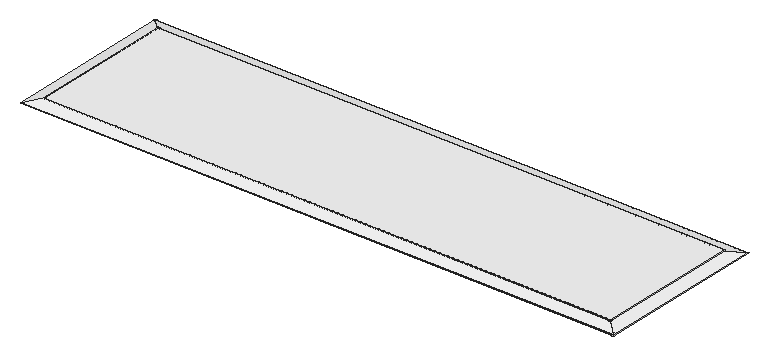
Revit family "NBS_COBAAfrica_EntMatt_PremierGrip", category Generic Models, host Face, Revit 2018
Family settings
  Host = Face
  Can host rebar = No
  Round Connector Dimension = Use Diameter
  Part Type = Normal
  Cut with Voids When Loaded = No
  Shared = No
  Room Calculation Point = No
Parameters (values of type "2000x500mm")
  WarrantyGuarantorLabor = "n/a"
  WarrantyDurationLabor = "n/a"
  Uniclass2015Version = "Products v1.15"
  Uniclass2015Title = "Entrance mats"
  Uniclass2015Code = "Pr_35_57_11_26"
  SurfaceInsertWidth = "n/a"
  SurfaceInsertOptions = "n/a"
  Pattern = "Dirt-scraping raised nodules"
  MatwellEdgingWidth [instance] = 2.50 mm
  WarrantyStartDate [instance] = "1900-12-31T23:59:59"
  WarrantyGuarantorParts = "n/a"
  WarrantyDurationUnit = "year"
  WarrantyDurationParts = "n/a (dependent on application)"
  WarrantyDescription = "n/a"
  Version = "1"  # constant formula
  TrafficType = "Pedestrian, wheel chairs, pushchairs and trolleys"
  ThermalTransmittance = 0
  TagNumber [instance] = "n/a"
  SustainabilityPerformance = "n/a"
  SurfaceSpreadOfFlame = "n/a"
  Size = "n/a"
  Shape = "n/a"
  SerialNumber [instance] = "n/a"
  Revision = "n/a"
  ReplacementCost = "n/a"
  Reference = "n/a"
  RampedEdging [instance] = and(MattingSurface, EdgingRequired)  # yes
  ProductInformation = "https://www.matting.co.za/commercial/product/premier-grip/"
  NominalWidth = EntranceMattingWidth  # 2000.00 mm
  NominalLength = EntranceMattingLength  # 500.00 mm
  NominalHeight = EntranceMattingHeight  # 12.00 mm
  Name = "EntMatt_PremierGrip_COBAAfrica"
  NBSReference = "45-35-35/420"
  NBSDescription = "Entrance matting"
  NBSCertification = "n/a"
  ModelReference = "Premier Grip"
  ModelNumber = "PG"
  MatwellEdging [instance] = and(MattingRecessed, EdgingRequired)  # no
  MattingHeight = "12 mm"
  Material = "100% Recycled PVC"
  ManufacturerURL = "www.cobaafrica.com"
  ManufacturerName = "COBA Africa"  # constant formula
  LinkingJoints = "100% Recycled PVC"
  IsExternal = yes
  IntegralAccessoryOptions = "n/a"
  IntegralAccessories = "n/a"
  InstallationDate [instance] = "1900-12-31T23:59:59"
  IfcExportType = "FLOORING"  # constant formula
  IfcExportAs = "IfcCoveringType"  # constant formula
  HasNonSkidSurface = yes
  HasAntiStaticSurface = no
  Grade = "n/a"
  FragilityRating = "n/a"
  FlammabilityRating = "n/a"
  FireRating = "EN13501 Euro Classification B(F1)S1"
  Finish = "n/a"
  Features = "n/a"
  ExpectedLife = "5 years plus if used in the correct environment for the volume and type of traffic as per specification"
  EdgingRequired [instance] = yes
  MattingSurface [instance] = yes
  MattingRecessed [instance] = not(MattingSurface)  # no
  MattingOffsetCalc [instance] = if(and(MattingSurface, not(EdgingRequired)), EntranceMattingHeight, if(and(MattingSurface, EdgingRequired), EntranceMattingHeight + 1.20 mm, 0.00 mm))  # 13.20 mm
  FloorRecessWidth [instance] = if(and(EdgingRequired, MattingRecessed), EntranceMattingWidth + (2 * MatwellEdgingWidth), EntranceMattingWidth)  # 2000.00 mm
  FloorRecessLength [instance] = if(and(EdgingRequired, MattingRecessed), EntranceMattingLength + (2 * MatwellEdgingWidth), EntranceMattingLength)  # 500.00 mm
  FloorRecessDepth [instance] = 25.00 mm
  Manufacturer = "sales@cobaafrica.com"  # constant formula
  MattingRecessCalc [instance] = if(and(MattingSurface, not(EdgingRequired)), EntranceMattingHeight + 0.50 mm, if(and(MattingSurface, EdgingRequired), EntranceMattingHeight + 1.70 mm, FloorRecessDepth))  # 13.70 mm
  EntranceMattingWidth = 2000.00 mm
  EntranceMattingMaterial = NBS_Concept
  EntranceMattingLength = 500.00 mm
  EntranceMattingHeight = 12.00 mm
  EdgingMaterial = NBS_Concept
  DurationUnit = "n/a"
  Description = "Recycled PVC interlocking tile system with drainage holes"
  Default Elevation = 1200.00 mm
  Construction = "Open design"
  Constituents = "n/a"
  Combustible = no
  Color = "n/a"
  CodePerformance = "n/a"
  Category = "n/a"
  CarpetColourOptions = "Black, Grey"
  BaseMaterial = "100% Recycled PVC"
  BaseColour = "n/a"
  BarCode [instance] = "n/a"
  BIMObjectName = "NBS_COBAAfrica_EntranceMatting_PremierGrip"
  Author = "NBS"  # constant formula
  AssetType = "Fixed"
  AssetIdentifier [instance] = "n/a"
  ArrangementOptions = "Suitable for use indoors and outdoors"
  Arrangement = "n/a"
  AcousticRating = "n/a"
  AccessibilityPerformance = "n/a"
Reference planes
  plane 1 "Center (Front/Back)": y = 0
  plane 2: z = 0
  plane 3 "Center (Left/Right)": x = 0
  plane 4: y = 250
  plane 5: y = -250
  plane 6: x = -1000
  plane 7: x = 1000
  plane 8 "MattingBottom": z = 1.2
  plane 9 "MattingTop": z = 13.2
  plane 10 "RecessBottom": z = -0.5
  plane 11: x = -1000
  plane 12: x = 1000
  plane 13: y = 250
  plane 14: y = -250
Forms (mm)
  Extrusion 1, solid, material "NBS_Concept" <- "EntranceMattingMaterial"
    sketch origin (-696.176, -4572, 1.2) x (-1, 0, 0) y (0, -1, 0)
      loop
        line (303.824, -4822) -> (303.824, -4322) -> (-1696.176, -4322) -> (-1696.176, -4822) -> (303.824, -4822)
    from 0 to 12
  Extrusion 2, void
    sketch origin (-696.176, -4572, 1.2) x (-1, 0, 0) y (0, -1, 0)
      loop
        line (303.824, -4822) -> (303.824, -4322) -> (-1696.176, -4322) -> (-1696.176, -4822) -> (303.824, -4822)
    from -1.7 to 12
  Sweep 3, solid, material "NBS_Concept" <- "EdgingMaterial", visible <- "RampedEdging"
    path in 3D
      loop
        line (-1000, 250, 1.2) -> (1000, 250, 1.2) -> (1000, -250, 1.2) -> (-1000, -250, 1.2) -> (-1000, 250, 1.2)
    profile origin (-1000, 0, 1.2) x (1, 0, 0) y (0, 0, -1)
      loop
        line (0, 0) -> (18, 0) -> (18, 1.2) -> (-46.339, 1.2)
        arc (-46.339, 1.2) -> (-46.996, 0.616) -> (-46.491, -0.104) r 0.661
        line (-46.491, -0.104) -> (-1.588, -10.672)
        arc (-1.588, -10.672) -> (-0.49, -10.428) -> (0, -9.415) r 1.292
        line (0, -9.415) -> (0, 0)
  Sweep 4, solid, material "NBS_Concept" <- "EdgingMaterial", visible <- "MatwellEdging"
    path in 3D
      loop
        line (-1000, 250, 1.2) -> (1000, 250, 1.2) -> (1000, -250, 1.2) -> (-1000, -250, 1.2) -> (-1000, 250, 1.2)
    profile origin (-1000, 0, 1.2) x (1, 0, 0) y (0, 0, -1)
      loop
        line (0, -12) -> (0, 0) -> (-2.5, 0) -> (-2.5, -12) -> (0, -12)
Lines and regions (mm)
  sketch lines
    curve 1: line (-1000, -250, 1.2) -> (-1000, 250, 1.2)
    curve 2: line (1000, -250, 1.2) -> (-1000, -250, 1.2)
    curve 3: line (-1000, 250, 1.2) -> (1000, 250, 1.2)
    curve 4: line (1000, 250, 1.2) -> (1000, -250, 1.2)
    curve 5: line (-1000, -250, 1.2) -> (-1000, 250, 1.2)
    curve 6: line (1000, -250, 1.2) -> (-1000, -250, 1.2)
    curve 7: line (-1000, 250, 1.2) -> (1000, 250, 1.2)
    curve 8: line (1000, 250, 1.2) -> (1000, -250, 1.2)
Dimensions and locks
  equal spacing: plane 4, plane 1 "Center (Front/Back)", plane 5
  "EntranceMattingLength": plane 4 to plane 5
  equal spacing: plane 6, plane 3 "Center (Left/Right)", plane 7
  "EntranceMattingWidth": plane 6 to plane 7
  "EntranceMattingHeight": plane 9 "MattingTop" to plane 8 "MattingBottom"
  "MattingOffsetCalc": plane 9 "MattingTop" to level
  "MattingRecessCalc": plane 9 "MattingTop" to plane 10 "RecessBottom"
  equal spacing: host sketch curve, plane 3 "Center (Left/Right)", host sketch curve
  "FloorRecessWidth": host sketch curve to host sketch curve
  equal spacing: host sketch curve, plane 1 "Center (Front/Back)", host sketch curve
  "FloorRecessLength": host sketch curve to host sketch curve
  locked: plane 6 to Sweep 3 sketch curve at 46.339
  locked: plane 8 "MattingBottom" to Sweep 3 sketch curve at 1.2
  equal spacing: plane 11, plane 3 "Center (Left/Right)", plane 12
  "FloorRecessWidth": plane 11 to plane 12
  equal spacing: plane 13, plane 1 "Center (Front/Back)", plane 14
  "FloorRecessLength": plane 13 to plane 14
  "MatwellEdgingWidth": Sweep 4 sketch curve to profile plane
  aligned and locked: plane 2 to host face
  aligned and locked: level to host face
  aligned and locked: plane 5 to Extrusion 1 sketch curve
  aligned and locked: Extrusion 1 sketch curve to plane 7
  aligned and locked: Extrusion 1 sketch curve to plane 4
  aligned and locked: plane 6 to Extrusion 1 sketch curve
  aligned and locked: Extrusion 1 to plane 8 "MattingBottom"
  aligned and locked: Extrusion 1 to plane 9 "MattingTop"
  aligned and locked: Extrusion 2 to plane 9 "MattingTop"
  aligned and locked: Extrusion 2 to plane 10 "RecessBottom"
  aligned and locked: plane 6 to Sweep 3 sketch curve
  aligned and locked: Sweep 3 sketch curve to plane 8 "MattingBottom"
  aligned and locked: Extrusion 2 sketch curve to plane 13
  aligned and locked: plane 11 to Extrusion 2 sketch curve
  aligned and locked: plane 14 to Extrusion 2 sketch curve
  aligned and locked: Extrusion 2 sketch curve to plane 12
  aligned and locked: Sweep 4 sketch curve to plane 8 "MattingBottom"
  aligned and locked: Sweep 4 sketch curve to plane 9 "MattingTop"
Automatic sketch dimensions
  Sweep 3 sketch curve to profile plane = 18.00 mm
  Sweep 3 sketch curve to profile plane = 9.415 mm
  Sweep 3 sketch curve to profile plane = 0.104 mm
  Sweep 3 sketch curve to Sweep 3 sketch curve = 0.151 mm
  profile plane to Sweep 3 sketch curve = 1.588 mm
  Sweep 3 sketch curve to Sweep 3 sketch curve = 0.296 mm
  profile plane to Sweep 4 sketch curve = 0.00 mm
